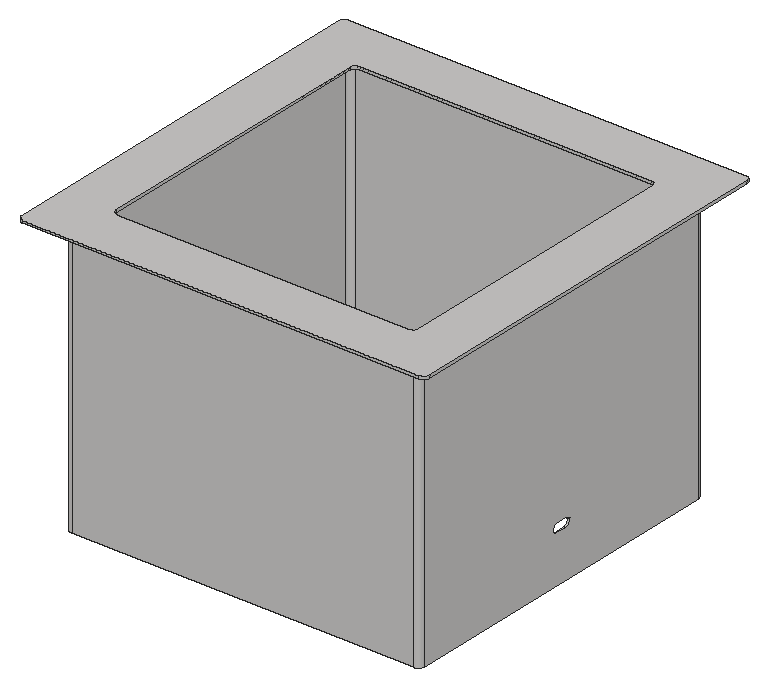
Revit family "PRD_FrankeWS_DspslChts_DisposalChute_RODX607TT", category Plumbing Fixtures, host Face, Revit 2018
Family settings
  Host = Face
  Round Connector Dimension = Use Diameter
  Part Type = Normal
  OmniClass Number = 23.45.30.00
  OmniClass Title = Washing and Waste Disposal Equipment
  Cut with Voids When Loaded = No
  Shared = No
  Room Calculation Point = No
Parameters (values of type "RODX607TT")
  WashbasinMaterial = PRD_AR_StainlessSteel_SatinFinished
  WarrantyStartDate [instance] = "1900-12-31T23:59:59"
  WarrantyGuarantorParts = "n/a"
  WarrantyGuarantorLabor = "n/a"
  WarrantyDurationUnit = "year"
  WarrantyDurationParts = "n/a"
  WarrantyDurationLabor = "n/a"
  WarrantyDescription = "n/a"
  Version = "1"
  Uniclass2015Version = "Products v1.7"
  Uniclass2015Title = "Disposal chutes"
  Uniclass2015Code = "Pr_65_12_70_22"
  URL = "www.kwc.com"
  TypeOfMounting = "Counter top mounting"
  TypeOfFixing = "Screw glue"
  TagNumber [instance] = "n/a"
  SustainabilityPerformance = "n/a"
  Standard = "n/a"
  Size = "175 x 121 x 175 mm"
  Shape = "Rectangular"
  SerialNumber [instance] = "n/a"
  Revision = "n/a"
  ReplacementCost = "n/a"
  ProductInformation = "https://pim.kwc.com/product/2000101212/attachment/datasheet?locale=en"
  OverflowClass = "n/a"
  OverallWidth [instance] = 175 mm
  OverallHeight [instance] = 121 mm
  OverallDepth [instance] = 175 mm
  Options = "n/a"
  NominalWidth = 175 mm
  NominalHeight = 121 mm
  NominalDepth = 175 mm
  NetWeight = 0.75 kg
  Name = "Waste chute RODX607TT"
  NBSTypeID = "n/a"
  NBSReference = "45-30-15/310"
  NBSOfficeMasterTag = "n/a"
  NBSNote = "n/a"
  NBSDescription = "Disposal chutes"
  NBSCertification = "n/a"
  ModelReference = "RODX607TT"
  ModelNumber = "2000101212"
  Model = ModelReference  # "RODX607TT"
  MaterialsFinishAndColour = "Satin finished"
  MaterialsBody = "Stainless steel 1.4301"
  Material = "stainless steel"
  ManufacturerURL = "www.kwc.com"
  ManufacturerName = "KWC Group AG"  # constant formula
  Manufacturer = ManufacturerName  # "KWC Group AG"
  IntegralAccessories = "n/a"
  InstallationDate [instance] = "1900-12-31T23:59:59"
  IfcExportType = "COMMON"
  IfcExportAs = "IfcSanitaryTerminalType"
  GrossWeight = 0.88 kg
  Grade = "n/a"
  Form = "waste chute for table top installation"
  FinishAndMaterial = "stainless steel"
  Finish = "satin finished"
  Features = "stainless steel, 0.8 mm, satin finished, table top installation, 175x121x175 mm (WxHxD)"
  ExpectedLife = "n/a"
  DurationUnit = "year"
  Description = "Waste chute for table top installation, stainless steel, visible surfaces satin finished, material thickness 0.8 mm, without waste container.\r\nDimensions 175 x 121 x 175 mm (W x H x D)"
  Default Elevation = 0 mm
  Constituents = "n/a"
  Color = "stainless steel"
  CodePerformance = "n/a"
  Category = "Pr_65_12_70_22, Disposal chutes"
  BarCode [instance] = "n/a"
  BIMObjectName = "PRD_AR_DspslChts_DisposalChute_RODX607TT"
  Author = "Archispace"  # constant formula
  AssetType = "Fixed"
  AssetIdentifier [instance] = "n/a"
  AccessibilityPerformance = "n/a"
Reference planes
  plane 1 "Center (Front/Back)": y = 0
  plane 2: z = 0
  plane 3 "Center (Left/Right)": x = 0
  plane 4: x = -87.5
  plane 5: x = 87.5
  plane 6: y = -87.5
  plane 7: y = 87.5
  plane 8: z = -120
  plane 9: z = 1
Forms (mm)
  Extrusion 1, void
    sketch origin (0, 0, 0) x (1, 0, 0) y (0, 1, 0)
      loop
        line (-76, 76) -> (-76, -76) -> (76, -76) -> (76, 76) -> (-76, 76)
    from 0 to -120
Dimensions and locks
  "OverallDepth": plane 7 to plane 6
  "OverallWidth": plane 4 to plane 5
  equal spacing: plane 4, plane 3 "Center (Left/Right)", plane 5
  equal spacing: plane 7, plane 1 "Center (Front/Back)", plane 6
  locked: plane 9 to host face at 1
  "OverallHeight": plane 9 to plane 8
  aligned and locked: plane 2 to host face
  aligned and locked: level to host face
  aligned and locked: level to Extrusion 1
  aligned and locked: plane 9 to nested 1
  aligned and locked: Extrusion 1 to plane 8
Automatic sketch dimensions
  host sketch curve to host sketch curve = 2438.4 mm  (x2)
  Extrusion 1 sketch curve to plane 4 = 11.5 mm
  Extrusion 1 sketch curve to plane 5 = 11.5 mm
  plane 6 to Extrusion 1 sketch curve = 11.5 mm
  Extrusion 1 sketch curve to plane 7 = 11.5 mm
Nested families
  nested 1: "RODX607TT" at (0, 0, 0), OverallDepth <- "OverallDepth", OverallHeight <- "OverallHeight", OverallWidth <- "OverallWidth", type "RODX607TT"
    with TopHeight 1 mm, OverallWidth 175 mm, OverallHeight 121 mm, OverallDepth 175 mm, Frame 22.5 mm, BottomHeight 120 mm
Definition of nested family "RODX607TT"
  Parameters (values of type "RODX607TT")
    TopHeight [instance] = 1 mm
    OverallWidth [instance] = 175 mm
    OverallHeight [instance] = 121 mm
    BottomHeight [instance] = OverallHeight - TopHeight  # 120 mm
    OverallDepth [instance] = 175 mm
    Material = none
    Frame [instance] = 22.5 mm
  Reference planes
    plane 1 "Center (Front/Back)": y = 0
    plane 2: z = 0
    plane 3 "Center (Left/Right)": x = 0
    plane 4: x = -87.5
    plane 5: x = 87.5
    plane 6: y = -87.5
    plane 7: y = 87.5
    plane 8: z = -120
    plane 9: x = -65
    plane 10: x = 65
    plane 11: y = -65
    plane 12: y = 65
    plane 13: x = -76
    plane 14: y = -76
    plane 15: x = 76
    plane 16: y = 76
    plane 17: z = 1
  Forms (mm)
    Extrusion 1, solid, material <- "Material", detail levels fine
      sketch origin (0, 0, 0) x (1, 0, 0) y (0, 1, 0)
        loop
          arc (-73.5, 76) -> (-75.268, 75.268) -> (-76, 73.5) r 2.5
          line (-76, 73.5) -> (-76, -73.5)
          arc (-76, -73.5) -> (-75.268, -75.268) -> (-73.5, -76) r 2.5
          line (-73.5, -76) -> (73.5, -76)
          arc (73.5, -76) -> (75.268, -75.268) -> (76, -73.5) r 2.5
          line (76, -73.5) -> (76, 73.5)
          arc (76, 73.5) -> (75.268, 75.268) -> (73.5, 76) r 2.5
          line (73.5, 76) -> (-73.5, 76)
        loop
          arc (-72.5, 75) -> (-74.268, 74.268) -> (-75, 72.5) r 2.5
          line (-75, 72.5) -> (-75, -72.5)
          arc (-75, -72.5) -> (-74.268, -74.268) -> (-72.5, -75) r 2.5
          line (-72.5, -75) -> (72.5, -75)
          arc (72.5, -75) -> (74.268, -74.268) -> (75, -72.5) r 2.5
          line (75, -72.5) -> (75, 72.5)
          arc (75, 72.5) -> (74.268, 74.268) -> (72.5, 75) r 2.5
          line (72.5, 75) -> (-72.5, 75)
      from -120 to 0
    Extrusion 2, void
      sketch origin (0, 0, 10) x (0, 1, 0) y (0, 0, 1)
        loop
          line (-2.5, -110) -> (2.5, -110)
          arc (2.5, -110) -> (4.5, -108) -> (2.5, -106) r 2
          line (2.5, -106) -> (-2.5, -106)
          arc (-2.5, -106) -> (-4.5, -108) -> (-2.5, -110) r 2
      from 0 to 76
    Extrusion 3, solid, material <- "Material", detail levels medium
      sketch origin (0, 0, 0) x (1, 0, 0) y (0, 1, 0)
        loop
          line (-76, 76) -> (-76, -76) -> (76, -76) -> (76, 76) -> (-76, 76)
        loop
          line (-75, 75) -> (-75, -75) -> (75, -75) -> (75, 75) -> (-75, 75)
      from -120 to 0
    Extrusion 4, solid, material <- "Material", detail levels coarse
      sketch origin (0, 0, 0) x (1, 0, 0) y (0, 1, 0)
        loop
          line (-76, 76) -> (-76, -76) -> (76, -76) -> (76, 76) -> (-76, 76)
      from -120 to 0
    Extrusion 5, solid, material <- "Material", detail levels fine
      sketch origin (0, 0, 0) x (1, 0, 0) y (0, 1, 0)
        loop
          arc (-85, 87.5) -> (-86.768, 86.768) -> (-87.5, 85) r 2.5
          line (-87.5, 85) -> (-87.5, -85)
          arc (-87.5, -85) -> (-86.768, -86.768) -> (-85, -87.5) r 2.5
          line (-85, -87.5) -> (85, -87.5)
          arc (85, -87.5) -> (86.768, -86.768) -> (87.5, -85) r 2.5
          line (87.5, -85) -> (87.5, 85)
          arc (87.5, 85) -> (86.768, 86.768) -> (85, 87.5) r 2.5
          line (85, 87.5) -> (-85, 87.5)
        loop
          line (-62.5, -65) -> (62.5, -65)
          arc (62.5, -65) -> (64.268, -64.268) -> (65, -62.5) r 2.5
          line (65, -62.5) -> (65, 62.5)
          arc (65, 62.5) -> (64.268, 64.268) -> (62.5, 65) r 2.5
          line (62.5, 65) -> (-62.5, 65)
          arc (-62.5, 65) -> (-64.268, 64.268) -> (-65, 62.5) r 2.5
          line (-65, 62.5) -> (-65, -62.5)
          arc (-65, -62.5) -> (-64.268, -64.268) -> (-62.5, -65) r 2.5
      from 0 to 1
    Extrusion 6, solid, material <- "Material", detail levels medium
      sketch origin (0, 0, 0) x (1, 0, 0) y (0, 1, 0)
        loop
          line (-87.5, 87.5) -> (-87.5, -87.5) -> (87.5, -87.5) -> (87.5, 87.5) -> (-87.5, 87.5)
        loop
          line (-65, 65) -> (-65, -65) -> (65, -65) -> (65, 65) -> (-65, 65)
      from 0 to 1
  Cuts and joins
    Extrusion 2 cuts Extrusion 1
  Dimensions and locks
    equal spacing: plane 7, plane 1 "Center (Front/Back)", plane 6
    equal spacing: plane 4, plane 3 "Center (Left/Right)", plane 5
    "OverallWidth": plane 4 to plane 5
    "OverallDepth": plane 7 to plane 6
    "BottomHeight": level to plane 8
    "Frame": plane 4 to plane 9
    "Frame": plane 10 to plane 5
    "Frame": plane 7 to plane 12
    "Frame": plane 11 to plane 6
    locked: plane 4 to plane 13 at 11.5
    locked: plane 16 to plane 7 at 11.5
    locked: plane 14 to plane 6 at 11.5
    locked: plane 15 to plane 5 at 11.5
    locked: cut or joined group of Extrusion 1, Extrusion 2 to plane 8 at 20
    "TopHeight": plane 17 to level
    aligned and locked: level to plane 2
    aligned and locked: plane 16 to Extrusion 1 sketch curve
    aligned and locked: plane 13 to Extrusion 1 sketch curve
    aligned and locked: plane 14 to Extrusion 1 sketch curve
    aligned and locked: plane 15 to Extrusion 1 sketch curve
    aligned and locked: Extrusion 1 to plane 8
    aligned and locked: Extrusion 2 to plane 3 "Center (Left/Right)"
    aligned and locked: Extrusion 2 to plane 15
    aligned and locked: plane 16 to Extrusion 3 sketch curve
    aligned and locked: plane 13 to Extrusion 3 sketch curve
    aligned and locked: plane 14 to Extrusion 3 sketch curve
    aligned and locked: plane 15 to Extrusion 3 sketch curve
    aligned and locked: Extrusion 3 to plane 8
    aligned and locked: Extrusion 4 sketch curve to Extrusion 3  (x4)
    aligned and locked: Extrusion 4 to plane 8
    aligned and locked: level to Extrusion 4
    aligned and locked: level to Extrusion 3
    aligned and locked: level to Extrusion 1
    aligned and locked: Extrusion 6 sketch curve to plane 7
    aligned and locked: Extrusion 6 sketch curve to plane 4
    aligned and locked: plane 6 to Extrusion 6 sketch curve
    aligned and locked: Extrusion 6 sketch curve to plane 5
    aligned and locked: Extrusion 6 sketch curve to plane 10
    aligned and locked: plane 11 to Extrusion 6 sketch curve
    aligned and locked: plane 9 to Extrusion 6 sketch curve
    aligned and locked: Extrusion 6 sketch curve to plane 12
    aligned and locked: Extrusion 6 to Extrusion 5
    aligned and locked: plane 17 to Extrusion 5
  Automatic sketch dimensions
    plane 1 "Center (Front/Back)" to Extrusion 2 sketch curve = 2.5 mm
    plane 8 to Extrusion 2 sketch curve = 22 mm
    Extrusion 2 sketch curve to plane 1 "Center (Front/Back)" = 2.5 mm
    Extrusion 2 sketch curve to Extrusion 2 sketch curve = 2 mm
    plane 13 to Extrusion 3 sketch curve = 1 mm
    plane 15 to Extrusion 3 sketch curve = 1 mm
    plane 14 to Extrusion 3 sketch curve = 1 mm
    plane 16 to Extrusion 3 sketch curve = 1 mm
    Extrusion 5 sketch curve to plane 4 = 0 mm
    Extrusion 5 sketch curve to plane 6 = 0 mm
    Extrusion 5 sketch curve to plane 7 = 0 mm
    Extrusion 5 sketch curve to plane 9 = 0 mm
    Extrusion 5 sketch curve to plane 12 = 0 mm
    Extrusion 5 sketch curve to plane 11 = 0 mm
    Extrusion 5 sketch curve to plane 10 = 0 mm
    Extrusion 5 sketch curve to plane 5 = 0 mm
    Extrusion 5 sketch curve to plane 4 = 2.5 mm  (x2)
    plane 9 to Extrusion 5 sketch curve = 2.5 mm  (x2)
    Extrusion 5 sketch curve to plane 10 = 2.5 mm  (x2)
    Extrusion 5 sketch curve to Extrusion 5 sketch curve = 2.5 mm  (x2)
    plane 13 to Extrusion 1 sketch curve = 1 mm
    Extrusion 1 sketch curve to Extrusion 1 sketch curve = 1.5 mm
    plane 13 to Extrusion 1 sketch curve = 2.5 mm
    Extrusion 1 sketch curve to Extrusion 1 sketch curve = 1 mm  (x4)
    plane 16 to Extrusion 1 sketch curve = 1 mm
    plane 15 to Extrusion 1 sketch curve = 3.5 mm  (x2)
    plane 15 to Extrusion 1 sketch curve = 1 mm
    plane 14 to Extrusion 1 sketch curve = 1 mm
